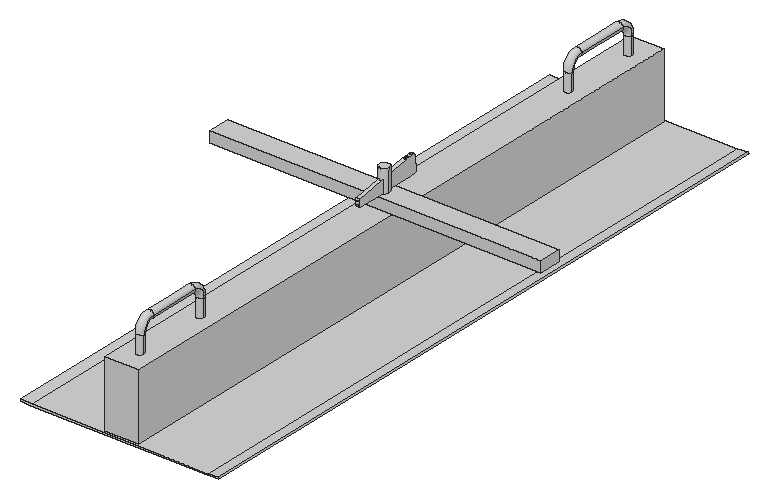
Revit family "ORMA_ORMA COMPENSATION PLATE 1,2_1900428", category Generic Models, Revit 2018
Family settings
  Can host rebar = No
  Round Connector Dimension = Use Diameter
  Part Type = Normal
  OmniClass Number = 35.51.14.00
  OmniClass Title = FORMWORK
  Work Plane-Based = Yes
  Always vertical = No
  Cut with Voids When Loaded = No
  Shared = Yes
  Room Calculation Point = No
Parameters
  VERSION = "20190101"  # constant formula
  URL = "www.ulmaconstruction.com/en"
  UNICLASS = ""
  ITEM_CODE = "1900428"
  Manufacturer = "ULMA CONSTRUCTION"  # constant formula
  FILTER [instance] = ""
  Default Elevation = 0.000 mm
  CLASSIFICATION_TITLE = ""
  CLASSIFICATION_NUMBER = ""
Reference planes
  plane 1 "Centro (Frontal/Posterior)": y = 0
  plane 2: z = 0
  plane 3 "Centro (Izquierda/Derecha)": x = 0
  plane 4 "ITEM_HEIGHT": y = 1200
  plane 5 "TIE 1": y = 270
  plane 6 "TIE 2": y = 930
  plane 7 "MIDDLE": x = 30
Forms (mm)
  Extrusion 1, solid, material "ULMA ZINC"
    sketch origin (30, 0, -120) x (1, 0, 0) y (0, 0, 1)
      loop
        line (-30, 120) -> (-30, 0) -> (30, 0) -> (30, 120) -> (-30, 120)
    from -1195 to -5
  Extrusion 2, solid, material "ULMA ZINC"
    sketch origin (30, 0, -120) x (1, 0, 0) y (0, 0, 1)
      loop
        line (-159.945, 0) -> (-179.739, 1.732) -> (-180, -1.257) -> (-160.076, -3) -> (160.076, -3) -> (180, -1.257) -> (179.739, 1.732) -> (159.945, 0) -> (-159.945, 0)
    from -1200 to 0
  Sweep 3, solid, material "ULMA ZINC", detail levels fine
    path in 3D
      loop
        line (30, 183, 0) -> (30, 183, 32)
        arc (30, 183, 32) -> (30, 176.849, 46.849) -> (30, 162, 53) r 21
        line (30, 162, 53) -> (30, 68, 53)
        arc (30, 68, 53) -> (30, 53.151, 46.849) -> (30, 47, 32) r 21
        line (30, 47, 32) -> (30, 47, 0)
    profile origin (30, 47, 16) x (1, 0, 0) y (0, 1, 0)
      loop
        circle (0, 0) r 7
  Sweep 4, solid, material "ULMA ZINC", detail levels fine
    path in 3D
      loop
        line (30, 1153, 0) -> (30, 1153, 32)
        arc (30, 1153, 32) -> (30, 1146.849, 46.849) -> (30, 1132, 53) r 21
        line (30, 1132, 53) -> (30, 1038, 53)
        arc (30, 1038, 53) -> (30, 1023.151, 46.849) -> (30, 1017, 32) r 21
        line (30, 1017, 32) -> (30, 1017, 0)
    profile origin (30, 1017, 16) x (1, 0, 0) y (0, 1, 0)
      loop
        circle (0, 0) r 7
  Extrusion 5, solid, material "ULMA ZINC"
    sketch origin (0, 0, -120) x (0, 1, 0) y (0, 0, 1)
      loop
        line (580, 120) -> (620, 120) -> (620, 140) -> (580, 140) -> (580, 120)
    from -270 to 330
  Extrusion 6, solid, material "ULMA ZINC", detail levels fine
    sketch origin (30, 0, 0) x (1, 0, 0) y (0, 1, 0)
      loop
        circle (0, 600) r 9
    from 20 to 60
  Extrusion 7, solid, material "ULMA ZINC", detail levels fine
    sketch origin (30, 0, -120) x (0, 0, 1) y (0, -1, 0)
      loop
        line (161.42, -592.067) -> (152.196, -541.168)
        arc (152.196, -541.168) -> (151.629, -540.242) -> (150.586, -539.941) r 1.5
        line (150.586, -539.941) -> (148.596, -540.12) -> (143.356, -540.591) -> (141.366, -540.77)
        arc (141.366, -540.77) -> (140.393, -541.252) -> (140, -542.264) r 1.5
        line (140, -542.264) -> (140, -580) -> (140, -620) -> (140, -648.56) -> (140, -649.881) -> (140, -652.607) -> (140.21, -654.939) -> (140.316, -656.128) -> (140.889, -662.5) -> (141.059, -664.385)
        spline (141.059, -664.385) -> (141.099, -664.645) -> (141.173, -664.897) -> (141.279, -665.138) -> (141.415, -665.362) -> (141.58, -665.567) -> (141.769, -665.749) -> (141.981, -665.904) -> (142.21, -666.03) -> (142.455, -666.125) -> (142.709, -666.187) -> (142.969, -666.215) -> (143.231, -666.209)
        line (143.231, -666.209) -> (171.118, -663.702)
        spline (171.118, -663.702) -> (171.377, -663.662) -> (171.628, -663.588) -> (171.867, -663.481) -> (172.09, -663.344) -> (172.294, -663.179) -> (172.474, -662.989) -> (172.628, -662.777) -> (172.753, -662.546) -> (172.847, -662.3) -> (172.909, -662.045) -> (172.937, -661.783) -> (172.93, -661.52)
        line (172.93, -661.52) -> (172.761, -659.636) -> (172.188, -653.263) -> (172.081, -652.075) -> (171.872, -649.742) -> (171.385, -647.06) -> (171.15, -645.76) -> (164.295, -607.933) -> (161.42, -592.067)
    from -3.5 to 3.5
Lines and regions (mm)
  reference lines
    curve 1: line (30, 47, 32) -> (30, 47, 0)
    curve 2: arc (30, 68, 53) -> (30, 53.151, 46.849) -> (30, 47, 32) r 21
    curve 3: line (30, 162, 53) -> (30, 68, 53)
    curve 4: arc (30, 183, 32) -> (30, 176.849, 46.849) -> (30, 162, 53) r 21
    curve 5: line (30, 183, 0) -> (30, 183, 32)
    curve 6: line (30, 1017, 32) -> (30, 1017, 0)
    curve 7: arc (30, 1038, 53) -> (30, 1023.151, 46.849) -> (30, 1017, 32) r 21
    curve 8: line (30, 1132, 53) -> (30, 1038, 53)
    curve 9: arc (30, 1153, 32) -> (30, 1146.849, 46.849) -> (30, 1132, 53) r 21
    curve 10: line (30, 1153, 0) -> (30, 1153, 32)
  sketch lines
    curve 11: line (30, 47, 32) -> (30, 47, 0)
    curve 12: arc (30, 68, 53) -> (30, 53.151, 46.849) -> (30, 47, 32) r 21
    curve 13: line (30, 162, 53) -> (30, 68, 53)
    curve 14: arc (30, 183, 32) -> (30, 176.849, 46.849) -> (30, 162, 53) r 21
    curve 15: line (30, 183, 0) -> (30, 183, 32)
    curve 16: line (30, 1017, 32) -> (30, 1017, 0)
    curve 17: arc (30, 1038, 53) -> (30, 1023.151, 46.849) -> (30, 1017, 32) r 21
    curve 18: line (30, 1132, 53) -> (30, 1038, 53)
    curve 19: arc (30, 1153, 32) -> (30, 1146.849, 46.849) -> (30, 1132, 53) r 21
    curve 20: line (30, 1153, 0) -> (30, 1153, 32)
  model lines, style "ULMA PANELS", detail levels fine
    curve 21: circle (30, 930, -123) r 12.5 normal (0, 0, 1)
    curve 22: circle (30, 270, -123) r 12.5 normal (0, 0, 1)
    curve 23: circle (30, 930, 0) r 12.5 normal (0, 0, 1)
    curve 24: circle (30, 270, 0) r 12.5 normal (0, 0, 1)
Dimensions and locks
  locked: plane 1 "Centro (Frontal/Posterior)" to plane 4 "ITEM_HEIGHT" at 1200
  locked: Extrusion 5 sketch curve to Extrusion 5 sketch curve at 40
  locked: plane 3 "Centro (Izquierda/Derecha)" to plane 7 "MIDDLE" at 30
  aligned and locked: level to plane 2
  aligned and locked: plane 4 "ITEM_HEIGHT" to Extrusion 2
  aligned and locked: plane 1 "Centro (Frontal/Posterior)" to Extrusion 2
